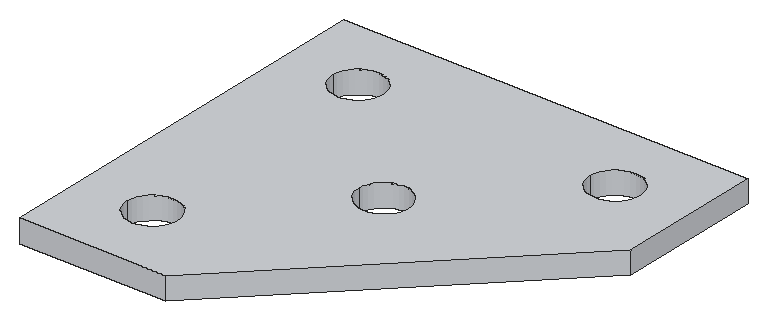
Revit family "Fitting-Flat_Plate-Unistrut-P1962", category Specialty Equipment, Revit 2012
Parameters (values of type "P1962")
  ecoScorecard_data = "http://products.ecoscorecard.com/atkore/P1962"
  ecoScorecard Product Page = "http://products.ecoscorecard.com/atkore/P1962?action=html"
  Weight Per Piece = 1.12 lbf
  Unit = none
  Unistrut Part Number = "P1962"  # constant formula
  URL = "http://unistrut.us/index.php"
  Thickness = 0' - 0 1/4"  # constant formula
  Subcategory = "Flat Plate Fittings"  # constant formula
  Product Page URL = "http://unistrut.us/index.php?WP=cat_detail&S=S05&P=P1962"
  Power Strut Part Number = "PS 822"  # constant formula
  Part Type = "Fitting"  # constant formula
  Overall Width = 0' - 4 1/2"  # constant formula
  Overall Length = 0' - 4 1/2"  # constant formula
  Model = "P1962"  # constant formula
  Material = ""
  Manufacturer Phone - Toll Free = "800-882-5543"  # constant formula
  Manufacturer Phone = "708-339-1610"  # constant formula
  Manufacturer Fax = "708-339-7814"  # constant formula
  Manufacturer Email = "mailto:jshaw@atkore.com"
  Manufacturer Address = "16100 South Lathrop Avenue, Harvey, IL 60426"  # constant formula
  Manufacturer = "Unistrut by Atkore International"  # constant formula
  Load Capacity Note = "Visit the product page for load application and capacity."  # constant formula
  Literature URL = "http://unistrut.us/index.php?WP=LItLibrary"
  Hole Diameter = 0' - 0 9/16"
  Cost Info = "mailto:jshaw@atkore.com"
  CAD URL = "http://unistrut.us/index.php?WP=CAD3d"
  Assembly Code = "D5020100"
  95 CSI = "16070"  # constant formula
  04 CSI = "26 05 48"  # constant formula
Reference planes (in)
  plane 1 "Center (Front/Back)": y = 0
  plane 2: z = 0
  plane 3 "Center (Left/Right)": x = 0
  plane 4: y = 2.25
  plane 5: y = -2.25
  plane 6: x = -2.25
  plane 7: x = 2.25
  plane 8: z = 0.25
  plane 9: x = 1.42984
  plane 10: x = -1.42984
  plane 11: y = -1.42984
  plane 12: y = 1.42984
Dimensions and locks (in)
  equal spacing: plane 6, plane 3 "Center (Left/Right)", plane 7
  "Overall Width": plane 6 to plane 7
  equal spacing: plane 4, plane 1 "Center (Front/Back)", plane 5
  "Overall Length": plane 4 to plane 5
  "Thickness": plane 8 to plane 2
  aligned and locked: level to plane 2
  aligned and locked: plane 3 "Center (Left/Right)" to nested 1
  aligned and locked: plane 1 "Center (Front/Back)" to nested 1
Nested families (in)
  nested 1: "1962" at (0, 0, 0), type "1962"
Definition of nested family "1962"
  Parameters (values of type "P1962")
    Width = 0' - 4 1/2"
    Unit = none
    Thickness = 0' - 0 1/4"
    Radiuis = Diameter / 2  # 0' - 0 9/32"
    Length = 0' - 4 1/2"
    Diameter = 0' - 0 9/16"
  Reference planes (in)
    plane 1 "Center (Front/Back)": y = 0
    plane 2: z = 0
    plane 3 "Center (Left/Right)": x = 0
    plane 4: y = 2.25
    plane 5: y = -2.25
    plane 6: x = -2.25
    plane 7: x = 2.25
    plane 8: z = 0.25
    plane 9: through (2.25, 0.625, 48) normal (0.7071, -0.7071, 0)
  Forms (in)
    Extrusion 1, solid, material <- "Unit"
      sketch origin (0, 0, 0) x (1, 0, 0) y (0, 1, 0)
        loop
          line (-2.25, 2.25) -> (-2.25, -2.25) -> (-0.625, -2.25) -> (2.25, 0.625) -> (2.25, 2.25) -> (-2.25, 2.25)
        loop
          circle (0, 0) r 0.28125
        loop
          circle (1.42984, 1.42984) r 0.28125
        loop
          circle (-1.42984, 1.42984) r 0.28125
        loop
          circle (-1.42984, -1.42984) r 0.28125
      from 0 to 0.25
  Dimensions and locks (in)
    equal spacing: plane 6, plane 3 "Center (Left/Right)", plane 7
    "Length": plane 6 to plane 7
    equal spacing: plane 4, plane 1 "Center (Front/Back)", plane 5
    "Width": plane 4 to plane 5
    "Thickness": plane 8 to plane 2
    locked: plane 4 to Extrusion 1 sketch curve at 0.82016  (x2)
    locked: Extrusion 1 sketch curve to plane 7 at 0.82016
    locked: plane 6 to Extrusion 1 sketch curve at 0.82016  (x2)
    locked: plane 5 to Extrusion 1 sketch curve at 0.82016
    "Radiuis": radius of Extrusion 1 sketch curve  (x4)
    aligned and locked: level to plane 2
    aligned and locked: plane 3 "Center (Left/Right)" to Extrusion 1 sketch curve
    aligned and locked: plane 1 "Center (Front/Back)" to Extrusion 1 sketch curve
    aligned and locked: Extrusion 1 to plane 2
    aligned and locked: plane 8 to Extrusion 1
  Automatic sketch dimensions
    plane 5 to Extrusion 1 sketch curve = 0' - 0"
    Extrusion 1 sketch curve to plane 6 = 0' - 0"
    plane 9 to Extrusion 1 sketch curve = 0' - 0"  (x2)
    Extrusion 1 sketch curve to plane 4 = 0' - 0"
    Extrusion 1 sketch curve to plane 7 = 0' - 0"
